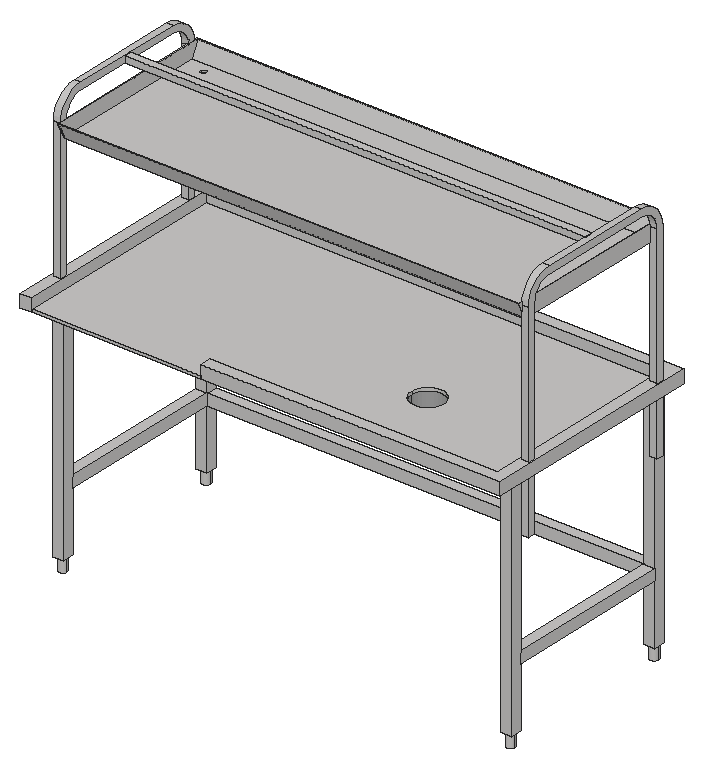
Revit family "QF_ZANUSSI_865336_BHST1708R", category Attrezzature speciali, Revit 2020
Family settings
  Quota connettore circolare = Usa diametro
  Tipo di parte = Normale
  Basato su piano di lavoro = No
  Sempre verticale = Sì
  Taglio con vuoti quando caricato = No
  Condiviso = No
  Punto di calcolo locali = No
Parameters (values of type "Standard")
  Weight = 14.00 kg
  Watts = 0 W
  Volts = 0 V
  URL Manufacturer = "http://www.zanussiprofessional.com"
  URL = "http://www.zanussiprofessional.com"
  Steam Supply Size = 0 mm
  Steam Supply Minimum Pressure = 0.0 Pa
  Steam Supply Maximum Pressure = 0.0 Pa
  Steam Consumption per Hour = 0
  Refrigeration Suction Line Size = 0 mm
  Refrigeration Liquid Line Size = 0 mm
  Refrigerant Compressor Remote = yes
  Prospetto di default = 0 mm
  Produttore = "Zanussi"
  Phase = 0
  Modello = "BHST1708R"
  Length Actual = 1700 mm  # constant formula
  Item Number = "865336"
  Hot Water Size = 0 mm
  Height Actual = 1551 mm  # constant formula
  HP = "0 HP"
  Gas Size = 0 mm
  Gas KW = 0
  Gas Input Pressure = 0 W
  Direct Waste Size = 0 mm
  Description = "SORTING TABLE, RIGHT>LEFT, 1700X800 MM "
  Depth Actual = 800 mm  # constant formula
  Cycle = 0 Hz
  Condensate Return Size = 0 mm
  Compressed Air Volume = 0.0 L/s
  Compressed Air Size = 0 mm
  Compressed Air Pressure = 0.0 Pa
  Cold Water Size = 0 mm
  Accessory = yes
Reference planes
  plane 1 "Centro (Fronte/Retro)": y = 0
  plane 2: z = 0
  plane 3 "Centro (Sinistra/Destra)": x = 0
  plane 4: x = 850
  plane 5: z = 1492
  plane 6: x = 20
  plane 7: y = -379.5
  plane 8: x = 56
  plane 9: x = 944
  plane 10: y = -60
  plane 11: y = -695
  plane 12: x = 1700
  plane 13: x = 1644
Forms (mm)
  Extrusion 1, solid, material "QF_Finishes_Stainless Steel"
    sketch origin (0, 0, 865) x (1, 0, 0) y (0, 1, 0)
      loop
        line (40, -814) -> (640, -814) -> (640, -774) -> (1660, -774) -> (1660, -40) -> (40, -40) -> (40, -814)
    from 0 to 10
  Extrusion 2, solid, material "QF_Finishes_Stainless Steel"
    sketch origin (-964, -40, 0) x (1, 0, 0) y (0, 1, 0)
      loop
        line (1000, 0) -> (1000, -40) -> (1040, -40) -> (1040, 0) -> (1000, 0)
    from 45 to 865
  Extrusion 3, solid, material "QF_Finishes_Stainless Steel"
    sketch origin (-964, -40, 0) x (1, 0, 0) y (0, 1, 0)
      loop
        circle (1020, -20) r 15
    from 0 to 45
  Extrusion 4, solid, material "QF_Finishes_Stainless Steel"
    sketch origin (-964, -675, 0) x (1, 0, 0) y (0, 1, 0)
      loop
        line (1000, 0) -> (1000, -40) -> (1040, -40) -> (1040, 0) -> (1000, 0)
    from 45 to 865
  Extrusion 5, solid, material "QF_Finishes_Stainless Steel"
    sketch origin (-964, -675, 0) x (1, 0, 0) y (0, 1, 0)
      loop
        circle (1020, -20) r 15
    from 0 to 45
  Extrusion 6, solid, material "QF_Finishes_Stainless Steel"
    sketch origin (0, 0, 0) x (1, 0, 0) y (0, 0, 1)
      loop
        line (76, 259.624) -> (1624, 259.624) -> (1624, 299.579) -> (76, 299.579) -> (76, 259.624)
    from 40 to 80
  Extrusion 7, solid, material "QF_Finishes_Stainless Steel"
    sketch origin (36, 0, 0) x (0, 1, 0) y (0, 0, 1)
      loop
        line (-80, 299.579) -> (-675, 299.579) -> (-675, 259.579) -> (-80, 259.579) -> (-80, 299.579)
    from 0 to 40
  Extrusion 8, solid, material "QF_Finishes_Stainless Steel"
    sketch origin (0, 0, 865) x (1, 0, 0) y (0, 1, 0)
      loop
        line (0, 0) -> (0, -814) -> (40, -814) -> (40, -40) -> (1660, -40) -> (1660, -774) -> (640, -774) -> (640, -814) -> (1700, -814) -> (1700, 0) -> (0, 0)
    from 0 to 45
  Sweep 9, solid, material "QF_Finishes_Stainless Steel"
    path origin (0, 0, -12) x (0, 1, 0) y (0, 0, 1)
      loop
        line (-95, 682) -> (-95, 1412)
        arc (-95, 1412) -> (-118.431, 1468.569) -> (-175, 1492) r 80
        line (-175, 1492) -> (-584, 1492)
        arc (-584, 1492) -> (-640.569, 1468.569) -> (-664, 1412) r 80
        line (-664, 1412) -> (-664, 682)
    profile origin (0, -95, 1035) x (0, -1, 0) y (1, 0, 0)
      loop
        line (-12, 8) -> (12, 8) -> (12, 32) -> (-12, 32) -> (-12, 8)
  Extrusion 10, solid, material "QF_Finishes_Stainless Steel"
    sketch origin (0, 0, -12) x (0, 1, 0) y (0, 0, 1)
      loop
        line (-367.5, 1504) -> (-391.5, 1504) -> (-391.5, 1480) -> (-367.5, 1480) -> (-367.5, 1504)
    from 32 to 1668
  Extrusion 11, void
    sketch origin (32, 0, -6.687) x (0, 1, 0) y (0, 0, 1)
      loop
        line (-56.629, 1444.891) -> (-702.371, 1444.891) -> (-663.034, 1360.532) -> (-95.966, 1360.532) -> (-56.629, 1444.891)
    from 3.287 to 1634
  Extrusion 12, solid, material "QF_Finishes_Stainless Steel"
    sketch origin (32, 0, -12) x (0, 1, 0) y (0, 0, 1)
      loop
        line (-70.92, 1418.976) -> (-688.08, 1418.976) -> (-661.76, 1362.532) -> (-97.24, 1362.532) -> (-70.92, 1418.976)
    from 0 to 1636
  Extrusion 13, void
    sketch origin (0, 0, -12) x (1, 0, 0) y (0, 1, 0)
      loop
        circle (108.268, -136.161) r 12
    from 1301.755 to 1377.519
  Extrusion 14, solid, material "QF_Finishes_Stainless Steel"
    sketch origin (0, 0, -12) x (1, 0, 0) y (0, 1, 0)
      loop
        circle (108.21, -136.146) r 13
    from 1316.037 to 1362.532
  Extrusion 15, void
    sketch origin (0, 0, -12) x (1, 0, 0) y (0, 1, 0)
      loop
        circle (108.268, -136.161) r 10
    from 1301.755 to 1377.519
  Extrusion 16, solid, material "QF_Finishes_Stainless Steel"
    sketch origin (2664, -40, 0) x (-1, 0, 0) y (0, -1, 0)
      loop
        line (1000, 0) -> (1040, 0) -> (1040, 40) -> (1000, 40) -> (1000, 0)
    from 45 to 865
  Extrusion 17, solid, material "QF_Finishes_Stainless Steel"
    sketch origin (2664, -40, 0) x (-1, 0, 0) y (0, -1, 0)
      loop
        circle (1020, 20) r 15
    from 0 to 45
  Extrusion 18, solid, material "QF_Finishes_Stainless Steel"
    sketch origin (2664, -675, 0) x (-1, 0, 0) y (0, -1, 0)
      loop
        line (1000, 0) -> (1040, 0) -> (1040, 40) -> (1000, 40) -> (1000, 0)
    from 45 to 865
  Extrusion 19, solid, material "QF_Finishes_Stainless Steel"
    sketch origin (2664, -675, 0) x (-1, 0, 0) y (0, -1, 0)
      loop
        circle (1020, 20) r 15
    from 0 to 45
  Sweep 20, solid, material "QF_Finishes_Stainless Steel"
    path origin (1700, 0, -12) x (0, 1, 0) y (0, 0, -1)
      loop
        line (-95, -682) -> (-95, -1412)
        arc (-95, -1412) -> (-118.431, -1468.569) -> (-175, -1492) r 80
        line (-175, -1492) -> (-584, -1492)
        arc (-584, -1492) -> (-640.569, -1468.569) -> (-664, -1412) r 80
        line (-664, -1412) -> (-664, -682)
    profile origin (1700, -95, 1035) x (0, 1, 0) y (-1, 0, 0)
      loop
        line (12, 8) -> (12, 32) -> (-12, 32) -> (-12, 8) -> (12, 8)
  Extrusion 21, solid, material "QF_Finishes_Stainless Steel"
    sketch origin (1664, 0, 0) x (0, 1, 0) y (0, 0, -1)
      loop
        line (-80, -299.579) -> (-80, -259.579) -> (-675, -259.579) -> (-675, -299.579) -> (-80, -299.579)
    from 0 to 40
  Extrusion 22, void
    sketch origin (600, -30, 0) x (1, 0, 0) y (0, 1, 0)
      loop
        circle (610, -490) r 58
    from 674.596 to 947.421
Cuts and joins
  Extrusion 11, Extrusion 15 cuts Extrusion 12
  Extrusion 13 cuts Extrusion 14
  Extrusion 22 cuts Extrusion 1
Dimensions and locks
  plane 5 to level = 1492 mm  (x2)
  Extrusion 6 to Extrusion 6 = 39.955 mm
  Extrusion 2 to Extrusion 4 = 595 mm
  plane 10 to plane 11 = 635 mm
  Extrusion 8 to plane 12 = 1700 mm
  plane 12 to plane 3 "Centro (Sinistra/Destra)" = 1700 mm
  plane 13 to plane 8 = 1588 mm
  Extrusion 18 to Extrusion 4 = 1548 mm
  cut or joined group of Extrusion 1, Extrusion 22 to plane 1 "Centro (Fronte/Retro)" = 814 mm
  Sweep 9 to Sweep 9 = 545 mm
  Extrusion 8 to Extrusion 8 = 814 mm
  aligned and locked: level to plane 2
  aligned and locked: Extrusion 3 to Extrusion 2
  aligned and locked: Extrusion 5 to Extrusion 4
  aligned and locked: Extrusion 10 to Sweep 9
  aligned and locked: Extrusion 16 to Extrusion 17
  aligned and locked: Extrusion 18 to Extrusion 19
Nested families
  nested 1: "FORO_IMMONDIZIE - 200" at (1210, -520, 863.471), type "FORO_IMMONDIZIE - 200"
Definition of nested family "FORO_IMMONDIZIE - 200"
  Parameters (values of type "FORO_IMMONDIZIE - 200")
    Default Elevation = 1219.2 mm
  Reference planes
    plane 1 "Centro (Fronte/Retro)": y = 0
    plane 2: z = 0
    plane 3 "Centro (Sinistra/Destra)": x = 0
    plane 4: z = -110
  Forms (mm)
    Extrusion 1, solid, not visible
      sketch origin (0, 0, 0) x (1, 0, 0) y (0, 1, 0)
        loop
          line (-1219.2, 1219.2) -> (-1219.2, -1219.2) -> (1219.2, -1219.2) -> (1219.2, 1219.2) -> (-1219.2, 1219.2)
      from 0 to -304.8
    Extrusion 2, solid
      sketch origin (0, 0, 0) x (1, 0, 0) y (0, 1, 0)
        loop
          circle (0, 0) r 60
        loop
          circle (0, 0) r 90
      from -110 to 1.529
  Dimensions and locks
    aligned and locked: plane 2 to Extrusion 1
    aligned and locked: level to Extrusion 1
